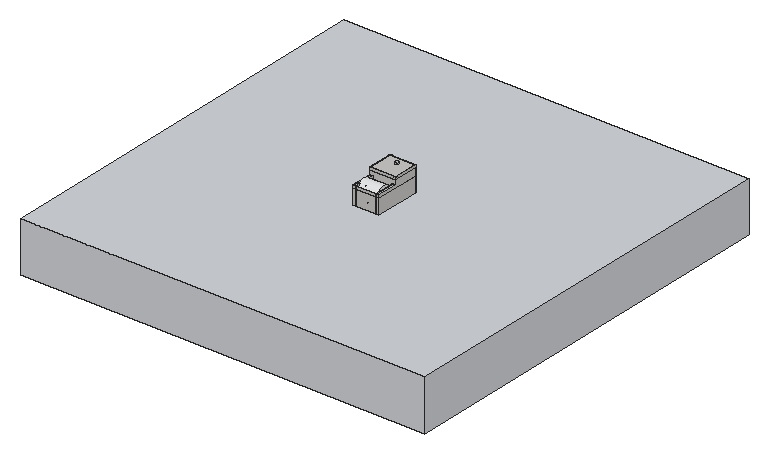
Revit family
Parameters (values of type "B-4288")
  URL = "http://www.bobrick.com"
  Type Comments = "Satin Finish"
  Product Page URL = ""
  Model = "B-4288"
  Manufacturer = "Bobrick Washroom Equipment, Inc."
  Finish Material = Stainless Steel - Bobrick - Satin
  Description = "Surface-Mounted Multi-Roll Toilet Tissue Dispenser"
  Default Elevation = 2' - 4"
  Assembly Code = "C1030200"
  ADA Compliant = yes
Reference planes (in)
  plane 1 "Center (Front/Back)": y = 0
  plane 2: z = 0
  plane 3 "Center (Left/Right)": x = 0
  plane 4 "Left": x = -3.03125
  plane 5 "Right": x = 3.03125
  plane 6 "Top": y = 5.5
  plane 7 "Bottom": y = -5.5
  plane 8: x = -2.34375
  plane 9: x = 2.34375
  plane 10: y = -0.6875
  plane 11: y = -5.4375
  plane 12: x = -2.96875
  plane 13: x = 2.96875
  plane 14: y = 5.4375
  plane 15: y = -0.5
  plane 16: z = 5.9375
  plane 17: z = 3.625
  plane 18: z = 5.875
  plane 19: z = 0.0625
  plane 20: z = 5.25
  plane 21: z = 3.6875
  plane 22: z = 4.25
  plane 23: y = 3.75
  plane 24: z = 6.0625
  plane 25: y = -3.0625
  plane 26: z = 2.625
Forms (in)
  Extrusion 1, solid
    sketch origin (0, 0, 0) x (1, 0, 0) y (0, 1, 0)
      loop
        line (-48, 48) -> (-48, -48) -> (48, -48) -> (48, 48) -> (-48, 48)
    from 0 to -12
  Extrusion 2, solid, material "Stainless Steel - Bobrick - Satin" <- "Finish Material"
    sketch origin (0, 0, 0) x (1, 0, 0) y (0, 1, 0)
      loop
        arc (-2.96875, 5.5) -> (-3.01294, 5.48169) -> (-3.03125, 5.4375) r 0.0625
        line (-3.03125, 5.4375) -> (-3.03125, -5.5) -> (3.03125, -5.5) -> (3.03125, 5.43791)
        arc (3.03125, 5.43791) -> (3.01306, 5.48181) -> (2.96916, 5.5) r 0.06209
        line (2.96916, 5.5) -> (-2.96875, 5.5)
      loop
        line (-2.96875, 5.4375) -> (-2.96875, -5.4375) -> (2.96875, -5.4375) -> (2.96875, 5.4375) -> (-2.96875, 5.4375)
    from 0 to 3.625
  Extrusion 3, solid, material "Stainless Steel - Bobrick - Satin" <- "Finish Material"
    sketch origin (0, 0, 0) x (1, 0, 0) y (0, 1, 0)
      loop
        line (-3.03125, 5.4375) -> (-3.03125, -5.5) -> (3.03125, -5.5) -> (3.03125, 5.43791)
        arc (3.03125, 5.43791) -> (3.01306, 5.48181) -> (2.96916, 5.5) r 0.06209
        line (2.96916, 5.5) -> (-2.96875, 5.5)
        arc (-2.96875, 5.5) -> (-3.01294, 5.48169) -> (-3.03125, 5.4375) r 0.0625
    from 0 to 0.0625
  Sweep 4, solid, material "Stainless Steel - Bobrick - Satin" <- "Finish Material"
    path origin (0, 0, 0) x (1, 0, 0) y (0, 1, 0)
      loop
        line (-3.03125, 5.5) -> (-3.03125, -0.5) -> (3.03125, -0.5) -> (3.03125, 5.5) -> (-3.03125, 5.5)
    profile origin (0, 5.5, 0) x (0, 1, 0) y (0, 0, 1)
      loop
        line (0, 5.25) -> (0, 5.875)
        arc (0, 5.875) -> (-0.01831, 5.91919) -> (-0.0625, 5.9375) r 0.0625
        line (-0.0625, 5.9375) -> (-0.3125, 5.9375) -> (-0.3125, 5.875) -> (-0.125, 5.875)
        arc (-0.125, 5.875) -> (-0.08081, 5.85669) -> (-0.0625, 5.8125) r 0.0625
        line (-0.0625, 5.8125) -> (-0.0625, 5.25) -> (0, 5.25)
  Extrusion 5, solid, material "Stainless Steel - Bobrick - Satin" <- "Finish Material"
    sketch origin (0, 0, 0) x (1, 0, 0) y (0, 1, 0)
      loop
        line (-2.71875, 5.1875) -> (-2.71875, -0.1875) -> (2.71875, -0.1875) -> (2.71875, 5.1875) -> (-2.71875, 5.1875)
    from 5.875 to 5.9375
  Extrusion 6, solid, material "Stainless Steel - Bobrick - Satin" <- "Finish Material"
    sketch origin (0, 0, 0) x (1, 0, 0) y (0, 1, 0)
      loop
        arc (-2.96875, 5.5) -> (-3.01294, 5.48169) -> (-3.03125, 5.4375) r 0.0625
        line (-3.03125, 5.4375) -> (-3.03125, -0.5) -> (3.03125, -0.5) -> (3.03125, 5.43791)
        arc (3.03125, 5.43791) -> (3.01306, 5.48181) -> (2.96916, 5.5) r 0.06209
        line (2.96916, 5.5) -> (-2.96875, 5.5)
    from 3.625 to 5.25
  Extrusion 7, solid, material "Stainless Steel - Bobrick - Satin" <- "Finish Material"
    sketch origin (0, 0, 0.5625) x (1, 0, 0) y (0, 0, 1)
      loop
        line (-2.96875, 3.625) -> (-2.41641, 3.625) -> (-2.41641, -0.5) -> (-2.34375, -0.5) -> (-2.34375, 3.625)
        arc (-2.34375, 3.625) -> (-2.36206, 3.66919) -> (-2.40625, 3.6875) r 0.0625
        line (-2.40625, 3.6875) -> (-2.96875, 3.6875) -> (-2.96875, 3.625)
      loop
        line (2.96875, 3.625) -> (2.96875, 3.6875) -> (2.40625, 3.6875)
        arc (2.40625, 3.6875) -> (2.36206, 3.66919) -> (2.34375, 3.625) r 0.0625
        line (2.34375, 3.625) -> (2.34375, -0.5) -> (2.41641, -0.5) -> (2.41641, 3.625) -> (2.96875, 3.625)
    from 0.5 to 5.4375
  Extrusion 8, solid, material "Stainless Steel - Bobrick - Satin" <- "Finish Material"
    sketch origin (0, 0, 0) x (1, 0, 0) y (0, 1, 0)
      loop
        line (-3.03211, -0.50083) -> (-3.03211, -5.5) -> (3.03125, -5.5) -> (3.03125, -0.5) -> (2.96875, -0.5) -> (2.96875, -5.4375) -> (-2.96875, -5.4375) -> (-2.96875, -0.50083) -> (-3.03211, -0.50083)
    from 3.625 to 4.25
  Extrusion 9, solid, material "Stainless Steel - Bobrick - Satin" <- "Finish Material", detail levels fine
    sketch origin (0, 0, 0) x (1, 0, 0) y (0, 1, 0)
      loop
        circle (0, 3.75) r 0.4375
    from 5.9375 to 6.0625
  Extrusion 10, solid, material "Tissue - Bobrick", detail levels medium+fine
    sketch origin (0, 0, 0) x (0, 1, 0) y (0, 0, 1)
      loop
        circle (-3.0625, 2.625) r 2.25
      loop
        circle (-3.0625, 2.625) r 0.5
    from -2.34375 to 2.34375
Cuts and joins
  joined: Sweep 4, Extrusion 5
  joined: Extrusion 6, Extrusion 7, Extrusion 8
  joined: Extrusion 2, Extrusion 3
Lines and regions (in)
  Masking region 1
    outline origin (0, 0, 6.0625) x (1, 0, 0) y (0, 1, 0)
      loop
        line (-3.03208, 5.50086) -> (-3.03208, -5.5) -> (3.03125, -5.5) -> (3.03125, 5.50086) -> (-3.03208, 5.50086)
  Masking region 2
    outline origin (0, 0, 0) x (1, 0, 0) y (0, 0, 1)
      loop
        line (3.03125, 0) -> (3.03125, 5.88019)
        spline (3.03125, 5.88019) -> (3.02932, 5.8882) -> (3.02678, 5.89587) -> (3.02366, 5.9031) -> (3.02001, 5.90981) -> (3.01586, 5.91593) -> (3.01126, 5.92138) -> (3.00626, 5.9261) -> (3.00091, 5.93004) -> (2.99529, 5.93315) -> (2.98946, 5.9354) -> (2.98348, 5.93676) -> (2.97741, 5.9375)
        line (2.97741, 5.9375) -> (-2.97723, 5.93721)
        spline (-2.97723, 5.93721) -> (-2.9832, 5.93675) -> (-2.98912, 5.93538) -> (-2.9949, 5.9331) -> (-3.00049, 5.92996) -> (-3.00583, 5.92598) -> (-3.01084, 5.92121) -> (-3.01547, 5.91571) -> (-3.01967, 5.90953) -> (-3.02338, 5.90276) -> (-3.02658, 5.89546) -> (-3.02921, 5.88773) -> (-3.03125, 5.87966)
        line (-3.03125, 5.87966) -> (-3.03125, 0) -> (3.03125, 0)
  Masking region 3, detail levels fine
    outline origin (0, 0, 0) x (1, 0, 0) y (0, 0, 1)
      loop
        line (-0.4375, 6.0625) -> (-0.4375, 5.9375) -> (0.4375, 5.9375) -> (0.4375, 6.0625) -> (-0.4375, 6.0625)
  Masking region 4
    outline origin (0, 0, 0) x (0, 1, 0) y (0, 0, 1)
      loop
        line (5.5, 0) -> (5.5, 5.875)
        arc (5.5, 5.875) -> (5.48169, 5.91919) -> (5.4375, 5.9375) r 0.0625
        line (5.4375, 5.9375) -> (-0.4375, 5.9375)
        arc (-0.4375, 5.9375) -> (-0.48169, 5.91919) -> (-0.5, 5.875) r 0.0625
        line (-0.5, 5.875) -> (-0.5, 4.25) -> (-5.5, 4.25) -> (-5.5, 0) -> (5.5, 0)
  Masking region 5, detail levels fine
    outline origin (0, 0, 0) x (0, 1, 0) y (0, 0, 1)
      loop
        line (4.1875, 6.0625) -> (3.3125, 6.0625) -> (3.3125, 5.9375) -> (4.1875, 5.9375) -> (4.1875, 6.0625)
  Masking region 6, detail levels medium+fine
    outline origin (0, 0, 0) x (0, 1, 0) y (0, 0, 1)
      loop
        arc (-1.50626, 4.25) -> (-3.0625, 4.875) -> (-4.61874, 4.25) r 2.25
        line (-4.61874, 4.25) -> (-1.50626, 4.25)
  symbolic lines, style "Restroom Accessories"
    curve 1: line (-3.03125, -0.6875, 6.0625) -> (-2.34375, -0.6875, 6.0625)
    curve 2: line (-2.34375, -0.6875, 6.0625) -> (-2.34375, -5.5, 6.0625)
    curve 3: line (2.34375, -5.5, 6.0625) -> (2.34375, -0.6875, 6.0625)
    curve 4: line (2.34375, -0.6875, 6.0625) -> (3.03125, -0.6875, 6.0625)
    curve 5: line (-3.03211, -0.50083, 6.0625) -> (3.03125, -0.50083, 6.0625)
    curve 6: line (2.96875, -0.6875, 6.0625) -> (2.96875, -0.50083, 6.0625)
    curve 7: line (-2.96875, -0.6875, 6.0625) -> (-2.96875, -0.50083, 6.0625)
    curve 13: line (0, 5.5, 3.6875) -> (0, -5.5, 3.6875)
    curve 14: line (0, 5.5, 5.25) -> (0, -0.5, 5.25)
  symbolic lines, style "Restroom Accessories", detail levels fine
    curve 8: arc (0.4375, 3.75, 6.0625) -> (0, 4.1875, 6.0625) -> (-0.4375, 3.75, 6.0625) r 0.4375
    curve 9: arc (-0.4375, 3.75, 6.0625) -> (0, 3.3125, 6.0625) -> (0.4375, 3.75, 6.0625) r 0.4375
    curve 10: spline (0, 3.5, 6.0625) -> (0.01618, 3.50852, 6.0625) -> (0.03125, 3.53349, 6.0625) -> (0.04419, 3.57322, 6.0625) -> (0.05413, 3.625, 6.0625) -> (0.06037, 3.6853, 6.0625) -> (0.0625, 3.75, 6.0625) -> (0.06037, 3.8147, 6.0625) -> (0.05413, 3.875, 6.0625) -> (0.04419, 3.92678, 6.0625) -> (0.03125, 3.96651, 6.0625) -> (0.01618, 3.99148, 6.0625) -> (0, 4, 6.0625) -> (-0.01618, 3.99148, 6.0625) -> (-0.03125, 3.96651, 6.0625) -> (-0.04419, 3.92678, 6.0625) -> (-0.05413, 3.875, 6.0625) -> (-0.06037, 3.8147, 6.0625) -> (-0.0625, 3.75, 6.0625) -> (-0.06037, 3.6853, 6.0625) -> (-0.05413, 3.625, 6.0625) -> (-0.04419, 3.57322, 6.0625) -> (-0.03125, 3.53349, 6.0625) -> (-0.01618, 3.50852, 6.0625) -> (0, 3.5, 6.0625)
  symbolic lines, style "Restroom Accessories", detail levels medium+fine
    curve 11: line (-2.34375, -5.3125, 6.0625) -> (2.34375, -5.3125, 6.0625)
    curve 12: line (-2.34375, -0.8125, 6.0625) -> (2.34375, -0.8125, 6.0625)
Dimensions and locks (in)
  equal spacing: plane 4 "Left", plane 3 "Center (Left/Right)", plane 5 "Right"
  locked: plane 4 "Left" to plane 5 "Right" at 6.0625
  equal spacing: plane 6 "Top", plane 1 "Center (Front/Back)", plane 7 "Bottom"
  locked: plane 6 "Top" to plane 7 "Bottom" at 11
  locked: plane 4 "Left" to plane 8 at 0.6875
  locked: plane 9 to plane 5 "Right" at 0.6875
  locked: plane 7 "Bottom" to plane 10 at 4.8125
  locked: plane 7 "Bottom" to plane 11 at 0.0625
  locked: plane 4 "Left" to plane 12 at 0.0625
  locked: plane 13 to plane 5 "Right" at 0.0625
  locked: plane 6 "Top" to plane 14 at 0.0625
  locked: plane 6 "Top" to plane 15 at 6
  locked: plane 16 to level at 5.9375
  locked: plane 16 to plane 18 at 0.0625
  locked: plane 19 to level at 0.0625
  locked: plane 16 to plane 20 at 0.6875
  locked: plane 18 to plane 17 at 2.25
  plane 17 to level = 0' - 3 5/8"
  locked: plane 21 to plane 17 at 0.0625
  plane 22 to plane 17 = 0' - 0 5/8"
  locked: Extrusion 7 sketch curve to Extrusion 7 sketch curve at 0.07266  (x2)
  Extrusion 7 sketch curve to Extrusion 7 sketch curve = 0' - 0.07266"
  locked: plane 24 to plane 16 at 0.125
  locked: plane 3 "Center (Left/Right)" to Extrusion 9 sketch curve at 0
  locked: plane 23 to Extrusion 9 sketch curve at 0
  locked: plane 25 to Extrusion 10 sketch curve  (x2)
  locked: plane 26 to Extrusion 10 sketch curve at 0  (x2)
  locked: plane 26 to plane 2 at 2.625
  aligned and locked: plane 2 to Extrusion 1
  aligned and locked: level to Extrusion 1
  aligned and locked: Extrusion 2 sketch curve to plane 6 "Top"
  aligned and locked: Extrusion 2 sketch curve to plane 4 "Left"
  aligned and locked: Extrusion 2 sketch curve to plane 7 "Bottom"
  aligned and locked: Extrusion 2 sketch curve to plane 5 "Right"
  aligned and locked: plane 14 to Extrusion 2 sketch curve
  aligned and locked: Extrusion 2 sketch curve to plane 12
  aligned and locked: Extrusion 2 sketch curve to plane 11
  aligned and locked: plane 13 to Extrusion 2 sketch curve
  aligned and locked: Extrusion 2 to level
  aligned and locked: Extrusion 3 sketch curve to Extrusion 2  (x2)
  aligned and locked: Extrusion 3 to level
  aligned and locked: plane 19 to Extrusion 3
  aligned and locked: plane 17 to Extrusion 2
  aligned and locked: Sweep 4 sketch curve to plane 4 "Left"
  aligned and locked: Sweep 4 sketch curve to plane 15
  aligned and locked: plane 6 "Top" to Sweep 4 sketch curve
  aligned and locked: plane 16 to Sweep 4 sketch curve
  aligned and locked: plane 20 to Sweep 4 sketch curve
  aligned and locked: Sweep 4 sketch curve to plane 14
  aligned and locked: plane 18 to Sweep 4 sketch curve
  aligned and locked: Extrusion 5 sketch curve to Sweep 4  (x4)
  aligned and locked: Extrusion 5 to plane 18
  aligned and locked: plane 16 to Extrusion 5
  aligned and locked: Extrusion 6 sketch curve to cut or joined group of Sweep 4, Extrusion 5  (x2)
  aligned and locked: plane 20 to Extrusion 6
  aligned: Extrusion 6 to plane 21
  aligned and locked: Extrusion 6 to plane 17
  aligned and locked: Extrusion 7 sketch curve to plane 19
  aligned and locked: plane 19 to Extrusion 7 sketch curve
  aligned and locked: plane 22 to Extrusion 7 sketch curve
  aligned and locked: plane 9 to Extrusion 7 sketch curve
  aligned and locked: plane 8 to Extrusion 7 sketch curve
  aligned and locked: Extrusion 7 sketch curve to plane 22
  aligned and locked: Extrusion 7 sketch curve to plane 12
  aligned and locked: Extrusion 7 sketch curve to plane 13
  aligned and locked: Extrusion 8 sketch curve to cut or joined group of Sweep 4, Extrusion 5  (x2)
  aligned and locked: Extrusion 8 sketch curve to plane 13
  aligned and locked: Extrusion 8 to plane 17
  aligned and locked: plane 22 to Extrusion 8
  aligned and locked: plane 11 to Extrusion 7
  aligned and locked: Extrusion 9 to plane 16
  aligned and locked: plane 24 to Extrusion 9
  aligned and locked: plane 8 to Extrusion 10
  aligned and locked: Extrusion 10 to plane 9
  aligned and locked: Masking region 1 sketch curve to cut or joined group of Sweep 4, Extrusion 5  (x2)
  aligned and locked: plane 10 to curve 1
  aligned and locked: curve 5 to cut or joined group of Sweep 4, Extrusion 5
  aligned and locked: curve 8 to Extrusion 9
  aligned and locked: curve 9 to Extrusion 9
  aligned and locked: Extrusion 1 to Masking region 2 sketch curve
  aligned and locked: Masking region 2 sketch curve to plane 16
  aligned and locked: Masking region 3 sketch curve to Extrusion 9  (x4)
  aligned and locked: Masking region 4 sketch curve to cut or joined group of Sweep 4, Extrusion 5  (x2)
  aligned and locked: plane 21 to curve 13
  aligned and locked: curve 14 to cut or joined group of Sweep 4, Extrusion 5
  aligned and locked: Masking region 5 sketch curve to Extrusion 9  (x2)
  aligned and locked: Masking region 6 sketch curve to Extrusion 10
  aligned and locked: plane 5 "Right" to cut or joined group of Extrusion 6, Extrusion 7, Extrusion 8
  aligned and locked: plane 6 "Top" to cut or joined group of Extrusion 6, Extrusion 7, Extrusion 8
  aligned and locked: Extrusion 8 sketch curve to plane 7 "Bottom"
  aligned and locked: plane 7 "Bottom" to Extrusion 3 sketch curve
  aligned and locked: Extrusion 8 sketch curve to plane 5 "Right"
  aligned and locked: plane 11 to Extrusion 8 sketch curve
  aligned and locked: plane 12 to Extrusion 8 sketch curve
  aligned and locked: Extrusion 8 sketch curve to plane 15
  aligned: cut or joined group of Extrusion 6, Extrusion 7, Extrusion 8 to plane 10
  aligned and locked: cut or joined group of Extrusion 6, Extrusion 7, Extrusion 8 to plane 15
Automatic sketch dimensions
  Extrusion 1 sketch curve to Extrusion 1 sketch curve = 8' - 0"  (x2)
  Extrusion 2 sketch curve to plane 12 = 0' - 0"
  Extrusion 2 sketch curve to plane 13 = 0' - 0.00041"
  Sweep 4 sketch curve to plane 5 "Right" = 0' - 0"
  Sweep 4 sketch curve to plane 6 "Top" = 0' - 0"
  Sweep 4 sketch curve to Sweep 4 sketch curve = 0' - 0 1/16"
  Sweep 4 sketch curve to Sweep 4 sketch curve = 0' - 0 3/16"
  profile plane to Sweep 4 sketch curve = 0' - 0 1/16"
  Extrusion 6 sketch curve to plane 12 = 0' - 0"
  plane 6 "Top" to Extrusion 6 sketch curve = 0' - 0"
  plane 5 "Right" to Extrusion 6 sketch curve = 0' - 0"
  Extrusion 6 sketch curve to plane 13 = 0' - 0.00041"
  plane 8 to Extrusion 7 sketch curve = 0' - 0 1/16"
  Extrusion 7 sketch curve to plane 9 = 0' - 0 1/16"
  Extrusion 7 sketch curve to Extrusion 7 sketch curve = 0' - 0"
  Extrusion 7 sketch curve to plane 22 = 0' - 0 1/16"
  Masking region 2 sketch curve to plane 13 = 0' - 0.00866"
  Masking region 2 sketch curve to plane 13 = 0' - 0 1/128"
  Masking region 2 sketch curve to plane 16 = 0' - 0.0003"  (x2)
  Masking region 2 sketch curve to Masking region 2 sketch curve = 0' - 0.0009"
  plane 18 to Masking region 2 sketch curve = 0' - 0.00519"
  Masking region 2 sketch curve to plane 16 = 0' - 0"
  Masking region 2 sketch curve to Masking region 2 sketch curve = 0' - 0"  (x2)
  plane 18 to Masking region 2 sketch curve = 0' - 0.00466"
  plane 12 to Masking region 2 sketch curve = 0' - 0.00937"
  plane 12 to Masking region 2 sketch curve = 0' - 0.00848"
  Masking region 2 sketch curve to Masking region 2 sketch curve = 0' - 0.00085"
  curve 13 to plane 7 "Bottom" = 0' - 0"
  curve 14 to plane 15 = 0' - 0"
  curve 14 to plane 6 "Top" = 0' - 0"
  curve 13 to plane 6 "Top" = 0' - 0"
  plane 23 to Masking region 5 sketch curve = 0' - 0 7/16"
  Masking region 5 sketch curve to plane 23 = 0' - 0 7/16"
  Masking region 6 sketch curve to plane 22 = 0' - 0"
  plane 4 "Left" to Masking region 2 sketch curve = 0' - 0"
  Masking region 2 sketch curve to plane 5 "Right" = 0' - 0"
  Masking region 4 sketch curve to level = 0' - 0"
  curve 1 to curve 7 = 0' - 0 1/16"
  curve 5 to curve 7 = 0' - 0.06336"
  curve 2 to curve 3 = 0' - 4 11/16"
  curve 6 to curve 5 = 0' - 0 1/16"
  curve 6 to curve 4 = 0' - 0 1/16"
  curve 4 to curve 5 = 0' - 0.18667"
  curve 12 to curve 3 = 0' - 0 1/8"
  curve 11 to curve 12 = 0' - 4 1/2"
  curve 3 to curve 11 = 0' - 0 3/16"
  curve 2 to curve 11 = 0' - 0 3/16"
  curve 10 to curve 8 = 0' - 0 1/4"
  curve 10 to curve 8 = 0' - 0"  (x2)
  curve 7 to curve 1 = 0' - 0 5/8"
  curve 3 to curve 6 = 0' - 0 5/8"
  Masking region 1 sketch curve to Masking region 1 sketch curve = 0' - 6.06333"
  Masking region 1 sketch curve to Masking region 1 sketch curve = 0' - 11.00086"
  Masking region 4 sketch curve to plane 7 "Bottom" = 0' - 0"
  Masking region 4 sketch curve to plane 22 = 0' - 0"
  curve 2 to curve 10 = 0' - 2 11/32"
  radius of Extrusion 9 sketch curve = 0' - 0 7/16"
  radius of Extrusion 10 sketch curve = 0' - 2 1/4"
  radius of Extrusion 10 sketch curve = 0' - 0 1/2"
